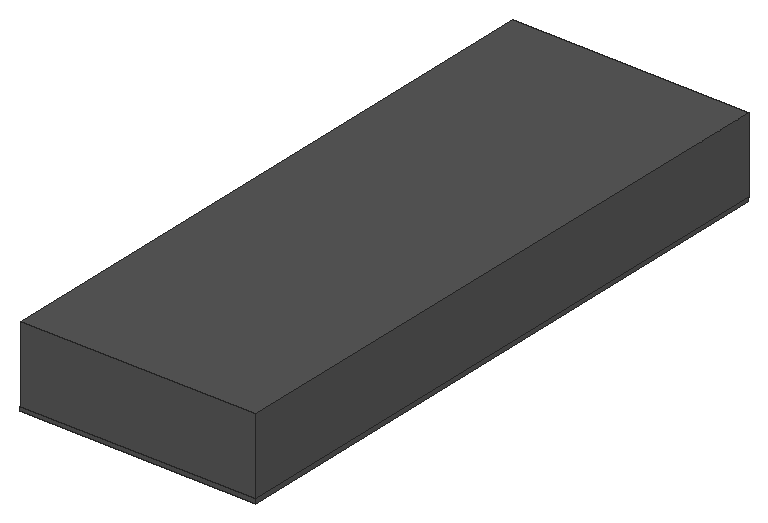
Revit family "ERA_LF_PR_SPP-503", category Осветительные приборы, Revit 2019
Family settings
  Размер круглого соединителя = Использовать диаметр
  Тип детали = Нормальный
  Номер OmniClass = 23.80.70.00
  Заголовок OmniClass = Lighting
  На основе рабочей плоскости = Нет
  Всегда вертикально = Да
  При загрузке вырезать с полостями = Нет
  Источник света = Нет
  Общий = Нет
  Точка расчета площади = Да
Parameters (values of type "SPP-503-0-50K-030, LED, IP65, 340х130х42 мм (ДхШхВ), 30 Вт, 5000 К, 3000 лм, класс защиты I, в комплекте (линейный стабилизатор)")
  _Корпус_Центр = if(ADSK_Размер_Длина < 1.00 mm, 1.00 mm, ADSK_Размер_Длина / 2)  # 170.00 mm
  ИС = LF_ИС_Пр_SPP-503 : SPP-503-0-50K-030
  _Корпус_Угол [instance] = if(Угол > 90.00°, 0.00°, Угол)  # 0.00°
  Угол [instance] = 0.00°
  _Корпус_Поворот [instance] = 0.00°  # constant formula
  Вспомогательные элементы = 1 = 0  # no
  _УГО_Ширина = if(_Корпус_Ширина / УГО_Масштаб < 1.00 mm, 1.00 mm, _Корпус_Ширина / УГО_Масштаб)  # 1.30 mm
  УГО_Масштаб = 100
  _УГО_Длина = if(_Корпус_Длина / УГО_Масштаб < 1.00 mm, 1.00 mm, _Корпус_Длина / УГО_Масштаб)  # 3.40 mm
  _УГО_Диаметр = if(_Корпус_Длина / УГО_Масштаб < 1.00 mm, 1.00 mm, _Корпус_Длина / УГО_Масштаб)  # 3.40 mm
  УГО_Видимость [instance] = not(УГО_Реальный размер)  # yes
  Тип установки = "Уличный"
  Степень защиты IP = "IP65"
  Разработчик модели = "https://www.teslabim.ru"
  _Корпус_Ширина = if(ADSK_Размер_Ширина < 1.00 mm, 1.00 mm, ADSK_Размер_Ширина)  # 130.00 mm
  _Корпус_Длина = if(ADSK_Размер_Длина < 1.00 mm, 1.00 mm, ADSK_Размер_Длина)  # 340.00 mm
  built-in parameter 1114216 [instance] = 1 (stored number, unit not read)
  Цвет = Чёрный
  УГО_Реальный размер [instance] = no
  Description = ""
  Lamp = ""
  Комплект = "Линейный стабилизатор"
  Класс пожароопасности = "Нет"
  Класс защиты = "I"
  Источник света = "LED"
  Manufacturer = ""
  Геометрия изделия = "Прямоугольный"
  _Корпус_Диаметр = if(ADSK_Размер_Диаметр < 1.00 mm, 1.00 mm, ADSK_Размер_Диаметр)  # 1.00 mm
  _Корпус_Высота = if(ADSK_Размер_Высота < 1.00 mm, 1.00 mm, ADSK_Размер_Высота)  # 42.00 mm
  URL = "https://www.eraworld.ru/catalog/2649069"
  ADSK_Размер_Ширина = 130.00 mm
  ADSK_Размер_Длина = 340.00 mm
  ADSK_Размер_Диаметр = 0.00 mm
  ADSK_Примечание = "Линейный стабилизатор, рассиватель поликарбонат"
  ADSK_Полная мощность = ADSK_Номинальная мощность / ADSK_Коэффициент мощности  # 33.3333 VA
  ADSK_Позиция = ""
  ADSK_Номинальная мощность = 30 W
  ADSK_Напряжение = 230 V
  ADSK_Наименование краткое = "Светильник"
  ADSK_Масса = 0.64
  ADSK_Марка = "SPP-503-0-50K-030"
  ADSK_Коэффициент мощности = 0.9
  ADSK_Количество фаз = 1
  ADSK_Код изделия = ""
  ADSK_Классификация нагрузок = Освещение
  ADSK_Размер_Высота = 42.00 mm
  ADSK_Обозначение = ADSK_Марка  # "SPP-503-0-50K-030"
  ADSK_Наименование = "Светильник, LED, прямоугольный, уличный, IP65, 340х130х42 мм (ДхШхВ), 30 Вт, 5000 К, 3000 лм, класс защиты I, в комплекте (линейный стабилизатор)"
  ADSK_Завод-изготовитель = "ЭРА"
  ADSK_Единица измерения = "шт."
Reference planes
  plane 1 "По центру (Вперед/Назад)": y = 0
  plane 2: z = 0
  plane 3 "По центру (Влево/Вправо)": x = 0
  plane 4 "H": z = 0
Dimensions and locks
  aligned and locked: level to plane 2
  aligned and locked: plane 2 to plane 4 "H"
  aligned and locked: plane 3 "По центру (Влево/Вправо)" to nested 1
  aligned and locked: plane 1 "По центру (Вперед/Назад)" to nested 1
  aligned and locked: nested 5 to plane 3 "По центру (Влево/Вправо)"
Nested families
  nested 1: "GA_УГО" at (0, 0, 0), visible <- "УГО_Видимость", type "Прямоугольник", detail levels coarse+medium
    with Аварийный no, Ширина 1.30 mm, Длина 3.40 mm
  nested 2: "GM_ОП_Пр_Корпус" at (0.001, 0, 0) x (1, 0, 0) z (0, 1, 0), type "GM_ОП_Пр_Корпус"
    with Рассеиватель_Высота 2.10 mm, Корпус_Ширина 130.00 mm, Корпус_Длина 340.00 mm, Корпус_Высота 42.00 mm, Кант_Ширина 6.50 mm
  nested 3: "Поворот" at (0, 0, 0) x (0, 1, 0) z (0, 0, -1), Поворот <- "_Корпус_Поворот", visible <- "Вспомогательные элементы", type "Поворот"
    with Поворот 0.00°, Низ 0.00 mm, Верх 2.00 mm
  nested 4: "Угол" at (0, 0, 0) x (0, 0, 1) z (1, 0, 0), Угол <- "_Корпус_Угол", visible <- "Вспомогательные элементы", type "Угол"
    with Угол 0.00°
  nested 5: "LF_ИС_Пр_SPP-503" at (0, 0, -44.1) x (-1, 0, 0) z (0, 0, -1), type <- "ИС", type "SPP-503-0-50K-030"
    with Корпус_Центр 170.00 mm, Корпус_Ширина 130.00 mm, Корпус_Длина 340.00 mm
Connectors
  electrical at (0, 0, 0), driven by "ADSK_Коэффициент мощности", driven by "ADSK_Количество фаз", driven by "ADSK_Классификация нагрузок", driven by "ADSK_Напряжение", driven by "ADSK_Полная мощность"
    settings: index 1, voltage 230 V, apparent load 33.3333 VA, apparent load phase1 0 VA, apparent load phase2 0 VA, apparent load phase3 0 VA, power factor 0.9, load classification "Освещение", number of poles 1, system type 30, power factor state 1, is connector primary yes, connector utility no, sub classification motor no, connector description ""
Definition of nested family "GM_ОП_Пр_Корпус"
  Parameters (values of type "GM_ОП_Пр_Корпус")
    Рассеиватель_Высота = Корпус_Высота * 0.05  # 2.25 mm
    Корпус_Ширина = 155.00 mm
    Цвет = none
    Реальный размер = no
    Default Elevation = 1000.00 mm
    Корпус_Длина = 390.00 mm
    Корпус_Высота = 45.00 mm
    Кант_Ширина = Корпус_Ширина * 0.05  # 7.75 mm
  Reference planes
    plane 1 "По центру (Вперед/Назад)": y = 0
    plane 2: z = 0
    plane 3 "По центру (Влево/Вправо)": x = 0
    plane 4 "Ш1": x = 77.5
    plane 5 "Ш2": x = -77.5
    plane 6 "Р": y = 45
    plane 7 "В": y = 47.25
    plane 8 "Д": z = 390
  Forms (mm)
    Extrusion 1, solid, material <- "Цвет", detail levels fine
      sketch origin (0, 211.198, -8.025) x (1, 0, 0) y (0, 0, -1)
        loop
          line (77.5, -398.025) -> (77.5, -8.025) -> (-77.5, -8.025) -> (-77.5, -398.025) -> (77.5, -398.025)
      from -211.198 to -166.198
    Extrusion 2, solid, visible <- "Реальный размер"
      sketch origin (0, 0, 0) x (1, 0, 0) y (0, 0, 1)
        loop
          line (77.5, 390) -> (-77.5, 390) -> (-77.5, 0) -> (77.5, 0) -> (77.5, 390)
      from 0 to -47.25
  Dimensions and locks
    equal spacing: plane 5 "Ш2", plane 3 "По центру (Влево/Вправо)", plane 4 "Ш1"
    "Корпус_Ширина": plane 5 "Ш2" to plane 4 "Ш1"
    "Корпус_Высота": plane 6 "Р" to plane 1 "По центру (Вперед/Назад)"
    "Рассеиватель_Высота": plane 7 "В" to plane 6 "Р"
    "Корпус_Длина": plane 8 "Д" to plane 2
    aligned and locked: level to plane 2
    aligned and locked: plane 5 "Ш2" to Extrusion 1
    aligned and locked: Extrusion 1 to plane 4 "Ш1"
    aligned and locked: plane 1 "По центру (Вперед/Назад)" to Extrusion 1
    aligned and locked: Extrusion 1 to plane 6 "Р"
    aligned and locked: Extrusion 2 to plane 7 "В"
    aligned and locked: Extrusion 2 to plane 2
    aligned and locked: Extrusion 1 to plane 2
    aligned and locked: plane 8 "Д" to Extrusion 2
    aligned and locked: plane 8 "Д" to Extrusion 1
    aligned and locked: Extrusion 2 to plane 5 "Ш2"
    aligned and locked: Extrusion 2 to plane 4 "Ш1"
    aligned and locked: nested 1 to plane 3 "По центру (Влево/Вправо)"
    aligned and locked: nested 1 to plane 2
  Automatic sketch dimensions
    Extrusion 1 sketch curve to plane 5 "Ш2" = 0.00 mm
    Extrusion 1 sketch curve to plane 4 "Ш1" = 0.00 mm
    Extrusion 1 sketch curve to level = 0.00 mm
    level to Extrusion 1 sketch curve = 390.00 mm
    plane 4 "Ш1" to Extrusion 2 sketch curve = 155.00 mm
    Extrusion 2 sketch curve to Extrusion 2 sketch curve = 155.00 mm
    Extrusion 2 sketch curve to level = 0.00 mm
    level to Extrusion 2 sketch curve = 390.00 mm
  Nested families
    nested 1: "GM_ОП_Пр_Рассеиватель" at (0, 45, 195) x (-1, 0, 0) z (0, 1, 0), type "GM_ОП_Пр_Рассеиватель"
      with Корпус_Ширина 155.00 mm, Корпус_Длина 390.00 mm, Корпус_Высота 2.25 mm
  Definition of nested family "GM_ОП_Пр_Рассеиватель"
    Parameters (values of type "GM_ОП_Пр_Рассеиватель")
      Корпус_Ширина = 80.00 mm
      Цвет = none
      Default Elevation = 1000.00 mm
      Корпус_Длина = 100.00 mm
      Корпус_Высота = 1.30 mm
      Кант_Ширина = 5.00 mm
    Reference planes
      plane 1 "По центру (Вперед/Назад)": y = 0
      plane 2: z = 0
      plane 3 "По центру (Влево/Вправо)": x = 0
      plane 4 "Ш1": x = 40
      plane 5 "Ш2": x = -40
      plane 6 "Д1": y = 50
      plane 7 "Д2": y = -50
    Forms (mm)
      Extrusion 1, solid, material <- "Цвет", detail levels fine
        sketch origin (0, 0, 0) x (1, 0, 0) y (0, 1, 0)
          loop
            line (40, -50) -> (40, 50) -> (-40, 50) -> (-40, -50) -> (40, -50)
          loop
            line (-35, 45) -> (-35, -45) -> (35, -45) -> (35, 45) -> (-35, 45)
        from 0 to 1.3 <- "Корпус_Высота"
      Extrusion 2, solid, detail levels fine
        sketch origin (20, -32.684, 0) x (1, 0, 0) y (0, 1, 0)
          loop
            line (-55, 77.684) -> (-55, -12.316) -> (15, -12.316) -> (15, 77.684) -> (-55, 77.684)
        from 0 to 1.3 <- "Корпус_Высота"
    Dimensions and locks
      equal spacing: plane 5 "Ш2", plane 3 "По центру (Влево/Вправо)", plane 4 "Ш1"
      "Корпус_Ширина": plane 5 "Ш2" to plane 4 "Ш1"
      equal spacing: plane 6 "Д1", plane 1 "По центру (Вперед/Назад)", plane 7 "Д2"
      "Корпус_Длина": plane 6 "Д1" to plane 7 "Д2"
      "Кант_Ширина": plane 5 "Ш2" to Extrusion 2 sketch curve
      "Кант_Ширина": Extrusion 2 sketch curve to plane 4 "Ш1"
      "Кант_Ширина": plane 6 "Д1" to Extrusion 2 sketch curve
      "Кант_Ширина": plane 7 "Д2" to Extrusion 2 sketch curve
      aligned and locked: level to plane 2
      aligned and locked: plane 5 "Ш2" to Extrusion 1
      aligned and locked: Extrusion 1 to plane 4 "Ш1"
      aligned and locked: Extrusion 1 to plane 6 "Д1"
      aligned and locked: plane 7 "Д2" to Extrusion 1
      aligned and locked: Extrusion 1 to plane 2
      aligned and locked: Extrusion 1 sketch curve to Extrusion 2  (x4)
    Automatic sketch dimensions
      Extrusion 1 sketch curve to plane 5 "Ш2" = 0.00 mm
      Extrusion 1 sketch curve to plane 4 "Ш1" = 0.00 mm
      plane 7 "Д2" to Extrusion 1 sketch curve = 0.00 mm
      plane 6 "Д1" to Extrusion 1 sketch curve = 0.00 mm
Definition of nested family "Поворот"
  Parameters (values of type "Поворот")
    Цвет = none
    Поворот [instance] = 90.00°
    Default Elevation = 0.00 mm
    Description = ""
    Низ [instance] = 0.00 mm
    Type Image = (empty or 0)
    Верх [instance] = 5.00 mm
  Reference planes
    plane 1 "По центру (Вперед/Назад)": y = 0
    plane 2: z = 0
    plane 3 "По центру (Влево/Вправо)": x = 0
  Forms (mm)
    Extrusion 1, solid, material <- "Цвет"
      sketch origin (0, 150, 0) x (0, -1, 0) y (1, 0, 0)
        loop
          line (50, 0) -> (150, 0) -> (150, 100)
          arc (150, 100) -> (79.289, 70.711) -> (50, 0) r 100
      from 0 <- "Низ" to 5 <- "Верх"
  Lines and regions (mm)
    reference lines
      curve 1: line (0, 150, 0) -> (0, 0, 0)
  Dimensions and locks
    "Поворот": angle plane 1 "По центру (Вперед/Назад)" to curve 1
    aligned and locked: level to plane 2
  Automatic sketch dimensions
    plane 1 "По центру (Вперед/Назад)" to curve 1 = 0.00 mm
    curve 1 to plane 3 "По центру (Влево/Вправо)" = 0.00 mm
    Extrusion 1 sketch curve to curve 1 = 0.00 mm
    curve 1 to Extrusion 1 sketch curve = 0.00 mm
    curve 1 to Extrusion 1 sketch curve = 100.00 mm
Definition of nested family "Угол"
  Parameters (values of type "Угол")
    Цвет = none
    Угол [instance] = 90.00°
    Default Elevation = 0.00 mm
    Description = ""
    Type Image = (empty or 0)
    Видимость = yes
  Reference planes
    plane 1 "По центру (Вперед/Назад)": y = 0
    plane 2: z = 0
    plane 3 "По центру (Влево/Вправо)": x = 0
  Forms (mm)
    Revolve 1, solid, material <- "Цвет", visible <- "Видимость"
      sketch origin (0, 150, 0) x (0, -1, 0) y (0, 0, 1)
        loop
          arc (150, 100) -> (79.289, 70.711) -> (50, 0) r 100
          line (50, 0) -> (150, 0) -> (150, 100)
        axis (150, 0) -> (150, 100)
      angle from 90 to 180
  Lines and regions (mm)
    reference lines
      curve 1: line (0, 150, 0) -> (0, 0, 0)
  Dimensions and locks
    "Угол": angle plane 1 "По центру (Вперед/Назад)" to curve 1
    aligned and locked: level to plane 2
  Automatic sketch dimensions
    plane 1 "По центру (Вперед/Назад)" to curve 1 = 0.00 mm
    curve 1 to plane 3 "По центру (Влево/Вправо)" = 0.00 mm
    curve 1 to Revolve 1 sketch curve = 0.00 mm
    Revolve 1 sketch curve to curve 1 = 0.00 mm  (x2)
    Revolve 1 sketch curve to curve 1 = 115.333 mm
    curve 1 to Revolve 1 sketch curve = 100.00 mm
    curve 1 to Revolve 1 sketch curve = 1261.835 mm
Definition of nested family "GA_УГО"
  Parameters (values of type "Прямоугольник")
    Ширина = 1.70 mm
    Прямоугольник = yes
    Круг = no
    Длина = 5.70 mm
    Диаметр = 10.00 mm
    Аварийный [instance] = yes
  Reference planes
    plane 1: y = 0
    plane 2: x = 0
  Lines and regions (mm)
    detail lines, visible <- "Прямоугольник"
      curve 1: line (-0.85, 0, 0) -> (0.85, 0, 0)
      curve 2: line (-0.85, 5.7, 0) -> (-0.85, 0, 0)
      curve 3: line (0.85, 5.7, 0) -> (-0.85, 5.7, 0)
      curve 4: line (0.85, 0, 0) -> (0.85, 5.7, 0)
  Dimensions and locks
    equal spacing: curve 2, plane 2, curve 4
    "Ширина": curve 2 to curve 4
    "Длина": plane 1 to curve 3
    aligned and locked: plane 1 to curve 1
Definition of nested family "LF_ИС_Пр_SPP-503"
  Parameters (values of type "SPP-503-0-50K-030")
    built-in parameter 1150104 = 13.8 (stored number, unit not read)
    Корпус_Центр = 0.00 mm
    built-in parameter 1150134 = 2
    Photometric Web File = "SPP-503-0-50K-030.ies"
    Tilt Angle = -90.00°
    built-in parameter 1150137 = (empty or 0)
    built-in parameter 1150132 = 2
    built-in parameter 1150114 = 1 (stored number, unit not read)
    Dimming Lamp Color Temperature Shift = (empty or 0)
    built-in parameter 1150105 = 543.85 (stored number, unit not read)
    Color Filter = 16777215
    Lumens = 3000 lm
    built-in parameter 1150109 = 1 (stored number, unit not read)
    built-in parameter 1150112 = 1 (stored number, unit not read)
    built-in parameter 1150110 = 1 (stored number, unit not read)
    built-in parameter 1150113 = 1 (stored number, unit not read)
    built-in parameter 1150115 = 1 (stored number, unit not read)
    built-in parameter 1114218 = 1 (stored number, unit not read)
    built-in parameter 1114217 = 1 (stored number, unit not read)
    built-in parameter 1150106 = 5.4385 (stored number, unit not read)
    built-in parameter 1150142 = "IESNA:LM-63-1995\r\n[DATA] 28.01.2020\r\n[MANUFAC]??РА\r\n[LUMCAT]\r\n[LUMINAIRE]  SPP-503-0-50K-030\r\n[LAMP] Светодиодный модуль\r\nTILT=NONE\r\n1 3307 3.305 91 37 1 2 0.34 0.129 0.05\r\n1 1 31.02\r\n0 1 2 3 4 5 6 7 8 9 10 11 12 13 14 15 16 17 18 19 20 21 22 23 24 25 26 27 28 29 30 31 32 33 34 35 36 37 38 39 40 41 42 43 44 45 46 47 48 49 50 51 52 53 54 55 56 57 58 59 60 61 62 63 64 65 66 67 68 69 70 71 72 73 74 75 76 77 78 79 80 81 82 83 84 85 86 87 88 89 90 \r\n0 10 20 30 40 50 60 70 80 90 100 110 120 130 140 150 160 170 180 190 200 210 220 230 240 250 260 270 280 290 300 310 320 330 340 350 360 \r\n321.5 321.8 322.5 323.4 324.6 326.2 328 330.2 332.6 335.4 338.5 341.9 345.5 349.5 353.7 358.1 362.9 367.9 373.2 378.7 384.6 390.8 397.3 404.1 411 418.1 425.4 432.8 440.3 448 455.8 463.7 471.8 480.1 488.6 497.3 506 514.7 523.3 531.7 540 548 555.7 563 569.9 576.2 581.9 586.9 591.3 595 597.7 599.2 599.5 598.4 595.5 590.5 582.6 571.3 555.9 535.6 509.2 475.9 435.1 386.6 331.3 271.7 211 155.2 110.6 79.3 58.9 46.8 39.6 34.2 28.9 23.9 19.3 15.3 12 9.3 7.5 6.4 5.8 5 4.1 3.1 2.4 1.9 1.5 1.2 1\r\n321.5 321.8 322.4 323.2 324.4 325.8 327.5 329.5 331.9 334.5 337.6 341.1 344.9 349 353.2 357.6 362.4 367.5 372.9 378.5 384.5 390.8 397.5 404.4 411.4 418.7 426.3 433.9 441.7 449.4 457.1 464.8 472.6 480.4 488.2 496.1 504 511.7 519.1 526.1 532.6 538.5 543.7 548 551.3 553.6 554.8 554.7 553.2 550.2 545.3 538.4 529.3 518 504.4 488.5 470.1 449.3 425.9 399.7 370.3 337.5 301.6 263.2 223.1 182.4 142.6 106.3 76.3 53.7 38.3 29.1 24.1 20.6 17.6 14.9 12.8 11 9.6 8.4 7.4 6.6 5.9 5.2 4.4 3.6 2.8 2.1 1.5 1 0.6\r\n321.5 321.4 321.6 322 322.9 324.3 326.3 329 332.1 335.5 339 342.5 346.1 350.1 354.5 359.2 364 369.1 374.4 380 385.8 391.7 397.8 403.9 410.2 416.7 423.1 429.6 436 442.2 448.1 453.6 458.7 463.6 468.1 472.1 475.3 477.6 479.3 480.1 480.1 478.8 476.3 472.7 467.7 461.1 452.9 443.1 431.9 419.2 404.6 387.9 369.4 349.1 327.6 304.9 281.6 257.8 233.9 210 186.5 163.6 141.6 120.8 101.6 84.2 68.9 55.6 43.9 34 26.2 20.7 17 14.5 12.8 11.5 10.4 9.4 8.7 8.1 7.6 7.2 6.7 6.2 5.6 4.8 3.8 2.8 1.9 1.2 0.6\r\n321.5 321.5 322 322.9 324.2 325.8 327.7 330 332.7 335.6 338.6 341.4 345.2 351 358.4 365.5 371.1 375.5 380.1 385.2 390.4 395.4 400.3 405 409.7 414.1 418.2 422 425.3 428.3 430.6 432.1 432.8 432.8 431.8 429.8 426.8 422.7 417.5 411.2 403.6 394.8 384.6 373.1 360.3 346.1 330.5 313.7 295.8 277 257.2 236.8 216.1 195.5 175.6 156.5 138.4 121.5 105.8 91.6 78.9 67.8 58.4 50.4 43.7 38.1 33.3 29.3 25.8 22.7 19.9 17.4 15.2 13.6 12.4 11.6 10.9 10.3 9.7 9 8.2 7.2 6.2 5.3 4.4 3.5 2.6 1.8 1.2 0.7 0.6\r\n321.5 321.8 323.4 326.2 329.9 333.7 337 340.2 343.5 347.2 351 355 359.1 363.5 368.1 372.7 377.2 381.6 385.7 389.6 393.1 396.2 398.9 401 402.6 403.6 403.9 403.4 402.1 400 397 393.1 388.3 382.5 375.7 368.1 359.5 350 339.5 328.1 316 303.1 289.5 275.3 260.4 244.9 228.9 212.6 195.9 178.9 161.9 145.1 129 114 100.3 88.1 77.4 68 60 53.1 47.3 42.5 38.4 34.8 31.6 28.8 26.3 24.1 22.2 20.5 18.9 17.4 16 14.8 13.6 12.5 11.6 10.8 10.1 9.4 8.6 7.8 6.9 5.8 4.6 3.4 2.3 1.3 0.6 0.3 0.3\r\n321.5 323 324.9 327.1 330 334.3 340.3 346.8 352 355.8 359.1 362.9 367 370.9 374.6 378 381.2 383.9 386.1 387.7 388.7 389.4 389.5 388.9 387.7 385.9 383.6 380.5 376.5 371.4 365.2 358 349.9 341 331.4 321.2 310.4 299 286.9 274.4 261.3 247.7 233.6 218.9 203.8 188.4 172.8 157.2 141.8 127 112.8 99.6 87.7 77.3 68.4 60.8 54.3 48.8 44 39.9 36.3 33.1 30.4 28 26.1 24.4 23 21.8 20.7 19.7 18.8 18 17.3 16.6 15.8 15 14 12.8 11.6 10.4 9.1 7.8 6.6 5.2 3.9 2.6 1.7 1 0.6 0.3 0.2\r\n321.5 322.3 324.7 328.4 333.1 337.8 341.7 345.5 350.1 355.5 360.7 364.8 368.3 371.6 374.9 377.6 379.7 381 381.8 382.1 382 381.3 379.8 377.2 373.5 368.9 363.5 357.4 350.6 343.1 335 326.2 316.8 306.8 296.2 285.1 273.7 261.9 249.5 236.7 223.5 209.8 195.8 181.5 167 152.6 138.4 124.7 111.6 99.4 88.2 78 69 61.3 54.7 49.2 44.4 40.3 36.6 33.3 30.3 27.6 25.3 23.5 22.2 21 19.9 18.9 18.1 17.5 17 16.4 15.9 15.3 14.7 13.9 13.1 12.2 11.1 9.9 8.6 7.4 6.1 4.8 3.5 2.4 1.5 0.8 0.3 0 0\r\n321.5 323.6 326.6 330.7 335.4 340.2 344.4 348.2 352.1 356.1 360.2 364.3 368.3 371.7 374.4 376.3 377.3 377.4 377 375.9 374.2 371.6 368.1 363.8 358.6 352.6 345.9 338.5 330.6 322.1 313 303.5 293.5 283.2 272.6 261.6 250.2 238.4 226.2 213.5 200.5 187.1 173.4 159.4 145.4 131.7 118.3 105.7 94 83.4 74 65.8 58.5 52.1 46.5 41.6 37.4 33.8 30.5 27.5 24.9 22.7 20.9 19.4 18.1 17 16.1 15.3 14.6 14 13.7 13.8 14 14 13.7 12.8 11.3 9.4 7.7 6.4 5.3 4.4 3.5 2.8 2.2 1.7 1.1 0.5 0.2 0 0\r\n321.5 324.8 328.3 332.2 336.4 340.5 344.7 348.8 353 357.2 361.4 365.3 368.8 371.5 373.2 374.1 374.2 373.5 372 369.7 366.7 362.9 358.4 352.9 346.7 339.7 332.1 324 315.4 306.3 296.8 287 276.9 266.6 256 245 233.4 221.3 208.8 195.9 182.6 168.9 155.1 141.4 128 115.1 102.9 91.5 81.2 72 63.8 56.8 50.6 45.2 40.5 36.3 32.5 29.2 26.4 23.9 21.9 20.3 19.1 18.1 17.3 16.6 16 15.5 14.9 14.3 13.5 12.7 11.7 10.6 9.4 8.4 7.7 7.1 6.6 5.9 5.3 4.7 4.1 3.5 2.8 2 1.3 0.6 0.2 0 0\r\n321.5 324.2 327.2 330.5 334.5 339.8 346.7 354 360.1 364.5 368.2 371.7 374.9 377.2 378.3 378.6 378.2 377 375.1 372.2 368.5 363.9 358.5 352.3 345.4 338 330.1 321.7 312.7 303.3 293.6 283.7 273.7 263.2 252.4 241.1 229.4 217.2 204.5 191.3 177.7 164 150.1 136.5 123.2 110.4 98.2 87 76.9 68 60.3 53.5 47.7 42.5 38 33.9 30.3 27.2 24.7 22.7 21.1 19.8 18.7 17.8 17.1 16.5 15.8 15.1 14.4 13.6 12.7 11.6 10.4 9.5 8.9 8.5 8 7.7 7.3 6.9 6.4 5.7 4.8 3.9 2.9 1.9 1 0.4 0 0 0\r\n321.5 318.7 317.2 317 318 319.6 321.7 324.2 327.1 330.2 333.5 336.8 340 343.1 346.2 349 351.4 353.1 353.9 353.7 352.6 350.7 348 344.3 339.6 334.1 327.8 320.9 313.2 304.8 295.8 286.1 276.1 265.6 254.8 243.6 231.9 219.9 207.4 194.5 181.2 167.7 154.1 140.5 127 114.2 102.3 91.5 81.9 73.5 66.2 59.8 54.3 49.2 44.5 40.2 36.1 32.3 28.9 26 23.3 21.1 19.2 18 17.2 16.7 16.2 15.7 15.1 14.3 13.3 12.1 10.8 9.6 8.5 7.7 6.8 6.1 5.3 4.5 3.8 3 2.4 1.8 1.3 0.9 0.6 0.4 0.3 0.2 0.3\r\n321.5 320.2 319.7 320.1 321.2 322.9 325 327.7 330.6 333.8 337.2 340.7 344.2 347.7 351.1 354.3 357.2 359.5 361.1 361.9 361.9 361.1 359.5 357 353.4 348.9 343.5 337.2 330 322 313.2 303.9 294 283.6 272.7 261.4 249.6 237.4 224.8 211.8 198.3 184.5 170.6 156.5 142.6 129.2 116.5 104.8 94 84.4 76 68.7 62.4 56.7 51.6 46.7 42.2 38.1 34.4 31.1 28.2 25.6 23.3 21.5 20.2 19.3 18.7 18.1 17.5 16.8 16.1 15.4 14.8 14.1 13.3 12.3 11.2 10.1 9 7.9 6.9 5.8 4.7 3.6 2.7 1.9 1.2 0.7 0.4 0.2 0.3\r\n321.5 320.6 320.4 320.9 322.1 323.9 326.2 329 332.1 335.4 339 342.6 346.3 350.2 354.1 357.8 361.4 364.5 367.2 369.2 370.7 371.5 371.5 370.6 368.8 365.9 362.2 357.4 351.7 345 337.4 329 319.9 310 299.4 288.2 276.4 264 251.2 238.1 224.4 210.3 195.9 181.1 166.3 151.7 137.4 123.8 111 99.3 88.8 79.7 71.9 65.2 59.5 54.5 50.1 46 42.2 38.6 35.4 32.5 30 27.9 26.1 24.6 23.7 23 22.5 22 21.6 21.1 20.6 19.9 19.2 18.2 17.1 15.7 14.1 12.3 10.4 8.6 6.8 5.1 3.6 2.2 1.3 0.6 0.3 0.1 0.3\r\n321.5 320.9 320.8 321.3 322.3 323.8 325.9 328.5 331.5 334.8 338.4 342.2 346.2 350.4 354.8 359.2 363.5 367.8 372 375.8 379.4 382.4 384.8 386.5 387.3 387.4 386.7 385.1 382.3 378.4 373.3 367.3 360.1 351.8 342.3 331.9 320.6 308.5 295.6 281.9 267.6 252.8 237.5 221.8 205.8 189.5 173.1 156.8 141 126 112 99.4 88.1 78.3 69.9 62.6 56.2 50.6 45.6 41.2 37.2 33.6 30.3 27.5 25.1 23.1 21.4 19.9 18.7 17.7 16.8 16 15.2 14.4 13.6 12.7 11.7 10.7 9.7 8.6 7.4 6 4.7 3.6 2.6 1.9 1.2 0.7 0.4 0.2 0.3\r\n321.5 321.1 321.2 321.9 323.1 324.7 326.6 329 331.8 335 338.7 342.7 347 351.6 356.4 361.2 366.2 371.4 376.6 381.9 387.2 392.1 396.8 401 404.8 408 410.4 412.1 412.9 412.8 411.7 409.6 406.4 402 396.4 389.5 381.4 372.1 361.8 350.4 337.7 323.8 308.7 292.7 275.8 258.3 240.1 221.6 202.8 184.1 165.6 147.6 130.5 114.5 100.1 87.2 75.9 66.3 58.2 51.5 45.9 40.9 36.6 32.9 29.6 26.7 24.3 22.1 20.1 18.4 16.8 15.3 14.1 13 12.2 11.6 11 10.3 9.5 8.6 7.4 6.1 4.7 3.3 2.1 1.3 0.8 0.6 0.5 0.4 0.3\r\n321.5 321.8 322.5 323.7 325.2 327 329.1 331.6 334.4 337.7 341.3 345.3 349.6 354.2 359 364.1 369.4 374.9 380.6 386.5 392.5 398.6 404.7 410.9 416.9 422.8 428.4 433.6 438.4 442.6 446.1 449 451 452.2 452.3 451.4 449.3 446 441.5 435.7 428.5 419.8 409.7 398.1 385.1 370.7 354.6 337.1 318.2 298.1 276.8 254.5 231.7 208.7 186 163.9 142.7 122.9 104.8 88.6 74.6 62.6 52.5 44.1 37.2 31.4 26.6 22.6 19.2 16.5 14.5 13.1 12.2 11.5 10.8 10.2 9.6 9 8.3 7.3 6.2 5.2 4.2 3.1 2 1.2 0.7 0.6 0.5 0.5 0.3\r\n321.5 322.1 323.1 324.3 325.9 327.8 329.9 332.3 335.2 338.5 342.1 346 350.1 354.5 359.1 364 369.3 374.8 380.6 386.7 393.1 399.8 406.8 413.8 421 428.2 435.5 442.7 449.8 456.9 463.9 470.9 477.7 484.2 490.1 495.5 500.3 504.3 507.6 509.9 511.1 511 509.6 507.1 503.5 498.3 491.3 482.6 472.4 460.6 447.1 431.7 414.3 394.9 373.5 349.9 324.4 297 268 237.7 207 176.6 146.9 118.1 91.2 67.7 49.1 35.5 26.7 21.9 19 16.6 14.5 12.9 11.6 10.7 9.9 9.2 8.6 8 7.4 6.7 5.9 4.7 3.5 2.3 1.6 1.1 0.8 0.6 0.6\r\n321.5 322.1 323 324.2 325.7 327.4 329.3 331.6 334.1 336.9 340.1 343.6 347.4 351.5 355.8 360.3 364.9 369.8 375 380.5 386.4 392.4 398.6 405.2 412 419.1 426.4 433.7 441.2 448.8 456.5 464.4 472.4 480.6 488.9 497.2 505.3 513.3 521.1 528.7 536 543 549.5 555.4 560.6 565.2 569 571.9 573.9 574.7 574.1 571.9 568.1 562.5 554.8 544.5 531.1 514 492.7 466.5 435 397.7 354.4 304.7 250.4 195.2 143.2 99.2 68.2 50.1 39.9 33 27.9 23.8 20.4 17.6 15.5 13.9 12.6 11.4 10.3 9.2 8.1 6.9 5.7 4.5 3.4 2.4 1.7 1.3 1.1\r\n321.5 321.8 322.5 323.4 324.6 326.2 328 330.2 332.6 335.4 338.5 341.9 345.5 349.5 353.7 358.1 362.9 367.9 373.2 378.7 384.6 390.8 397.3 404.1 411 418.1 425.4 432.8 440.3 448 455.8 463.7 471.8 480.1 488.6 497.3 506 514.7 523.3 531.7 540 548 555.7 563 569.9 576.2 581.9 586.9 591.3 595 597.7 599.2 599.5 598.4 595.5 590.5 582.6 571.3 555.9 535.6 509.2 475.9 435.1 386.6 331.3 271.7 211 155.2 110.6 79.3 58.9 46.8 39.6 34.2 28.9 23.9 19.3 15.3 12 9.3 7.5 6.4 5.8 5 4.1 3.1 2.4 1.9 1.5 1.2 1\r\n321.5 322.1 323 324.2 325.7 327.4 329.3 331.6 334.1 336.9 340.1 343.6 347.4 351.5 355.8 360.3 364.9 369.8 375 380.5 386.4 392.4 398.6 405.2 412 419.1 426.4 433.7 441.2 448.8 456.5 464.4 472.4 480.6 488.9 497.2 505.3 513.3 521.1 528.7 536 543 549.5 555.4 560.6 565.2 569 571.9 573.9 574.7 574.1 571.9 568.1 562.5 554.8 544.5 531.1 514 492.7 466.5 435 397.7 354.4 304.7 250.4 195.2 143.2 99.2 68.2 50.1 39.9 33 27.9 23.8 20.4 17.6 15.5 13.9 12.6 11.4 10.3 9.2 8.1 6.9 5.7 4.5 3.4 2.4 1.7 1.3 1.1\r\n321.5 322.1 323.1 324.3 325.9 327.8 329.9 332.3 335.2 338.5 342.1 346 350.1 354.5 359.1 364 369.3 374.8 380.6 386.7 393.1 399.8 406.8 413.8 421 428.2 435.5 442.7 449.8 456.9 463.9 470.9 477.7 484.2 490.1 495.5 500.3 504.3 507.6 509.9 511.1 511 509.6 507.1 503.5 498.3 491.3 482.6 472.4 460.6 447.1 431.7 414.3 394.9 373.5 349.9 324.4 297 268 237.7 207 176.6 146.9 118.1 91.2 67.7 49.1 35.5 26.7 21.9 19 16.6 14.5 12.9 11.6 10.7 9.9 9.2 8.6 8 7.4 6.7 5.9 4.7 3.5 2.3 1.6 1.1 0.8 0.6 0.6\r\n321.5 321.8 322.5 323.7 325.2 327 329.1 331.6 334.4 337.7 341.3 345.3 349.6 354.2 359 364.1 369.4 374.9 380.6 386.5 392.5 398.6 404.7 410.9 416.9 422.8 428.4 433.6 438.4 442.6 446.1 449 451 452.2 452.3 451.4 449.3 446 441.5 435.7 428.5 419.8 409.7 398.1 385.1 370.7 354.6 337.1 318.2 298.1 276.8 254.5 231.7 208.7 186 163.9 142.7 122.9 104.8 88.6 74.6 62.6 52.5 44.1 37.2 31.4 26.6 22.6 19.2 16.5 14.5 13.1 12.2 11.5 10.8 10.2 9.6 9 8.3 7.3 6.2 5.2 4.2 3.1 2 1.2 0.7 0.6 0.5 0.5 0.3\r\n321.5 321.1 321.2 321.9 323.1 324.7 326.6 329 331.8 335 338.7 342.7 347 351.6 356.4 361.2 366.2 371.4 376.6 381.9 387.2 392.1 396.8 401 404.8 408 410.4 412.1 412.9 412.8 411.7 409.6 406.4 402 396.4 389.5 381.4 372.1 361.8 350.4 337.7 323.8 308.7 292.7 275.8 258.3 240.1 221.6 202.8 184.1 165.6 147.6 130.5 114.5 100.1 87.2 75.9 66.3 58.2 51.5 45.9 40.9 36.6 32.9 29.6 26.7 24.3 22.1 20.1 18.4 16.8 15.3 14.1 13 12.2 11.6 11 10.3 9.5 8.6 7.4 6.1 4.7 3.3 2.1 1.3 0.8 0.6 0.5 0.4 0.3\r\n321.5 320.9 320.8 321.3 322.3 323.8 325.9 328.5 331.5 334.8 338.4 342.2 346.2 350.4 354.8 359.2 363.5 367.8 372 375.8 379.4 382.4 384.8 386.5 387.3 387.4 386.7 385.1 382.3 378.4 373.3 367.3 360.1 351.8 342.3 331.9 320.6 308.5 295.6 281.9 267.6 252.8 237.5 221.8 205.8 189.5 173.1 156.8 141 126 112 99.4 88.1 78.3 69.9 62.6 56.2 50.6 45.6 41.2 37.2 33.6 30.3 27.5 25.1 23.1 21.4 19.9 18.7 17.7 16.8 16 15.2 14.4 13.6 12.7 11.7 10.7 9.7 8.6 7.4 6 4.7 3.6 2.6 1.9 1.2 0.7 0.4 0.2 0.3\r\n321.5 320.6 320.4 320.9 322.1 323.9 326.2 329 332.1 335.4 339 342.6 346.3 350.2 354.1 357.8 361.4 364.5 367.2 369.2 370.7 371.5 371.5 370.6 368.8 365.9 362.2 357.4 351.7 345 337.4 329 319.9 310 299.4 288.2 276.4 264 251.2 238.1 224.4 210.3 195.9 181.1 166.3 151.7 137.4 123.8 111 99.3 88.8 79.7 71.9 65.2 59.5 54.5 50.1 46 42.2 38.6 35.4 32.5 30 27.9 26.1 24.6 23.7 23 22.5 22 21.6 21.1 20.6 19.9 19.2 18.2 17.1 15.7 14.1 12.3 10.4 8.6 6.8 5.1 3.6 2.2 1.3 0.6 0.3 0.1 0.3\r\n321.5 320.2 319.7 320.1 321.2 322.9 325 327.7 330.6 333.8 337.2 340.7 344.2 347.7 351.1 354.3 357.2 359.5 361.1 361.9 361.9 361.1 359.5 357 353.4 348.9 343.5 337.2 330 322 313.2 303.9 294 283.6 272.7 261.4 249.6 237.4 224.8 211.8 198.3 184.5 170.6 156.5 142.6 129.2 116.5 104.8 94 84.4 76 68.7 62.4 56.7 51.6 46.7 42.2 38.1 34.4 31.1 28.2 25.6 23.3 21.5 20.2 19.3 18.7 18.1 17.5 16.8 16.1 15.4 14.8 14.1 13.3 12.3 11.2 10.1 9 7.9 6.9 5.8 4.7 3.6 2.7 1.9 1.2 0.7 0.4 0.2 0.3\r\n321.5 318.7 317.2 317 318 319.6 321.7 324.2 327.1 330.2 333.5 336.8 340 343.1 346.2 349 351.4 353.1 353.9 353.7 352.6 350.7 348 344.3 339.6 334.1 327.8 320.9 313.2 304.8 295.8 286.1 276.1 265.6 254.8 243.6 231.9 219.9 207.4 194.5 181.2 167.7 154.1 140.5 127 114.2 102.3 91.5 81.9 73.5 66.2 59.8 54.3 49.2 44.5 40.2 36.1 32.3 28.9 26 23.3 21.1 19.2 18 17.2 16.7 16.2 15.7 15.1 14.3 13.3 12.1 10.8 9.6 8.5 7.7 6.8 6.1 5.3 4.5 3.8 3 2.4 1.8 1.3 0.9 0.6 0.4 0.3 0.2 0.3\r\n321.5 320.2 319.8 320.1 321.2 323 325.3 327.9 330.8 333.9 337 340 342.9 346 349 351.5 353.2 354.1 354.2 353.4 351.7 349.1 345.6 341.3 336.1 330.1 323.5 316.2 308.1 299.5 290.3 280.6 270.6 260.3 249.5 238.3 226.7 214.6 202.2 189.4 176.2 162.7 149.1 135.5 122.3 109.7 98.1 87.5 78.2 70.1 63.1 56.9 51.4 46.4 41.8 37.5 33.7 30.2 27 24.2 21.9 20 18.6 17.6 16.9 16.4 15.9 15.1 14.1 12.7 11.3 10.2 9.3 8.6 8.2 7.7 7.2 6.6 5.8 4.9 4 3.2 2.4 1.8 1.3 0.9 0.6 0.4 0.2 0.2 0.3\r\n321.5 324.8 328.3 332.2 336.4 340.5 344.7 348.8 353 357.2 361.4 365.3 368.8 371.5 373.2 374.1 374.2 373.5 372 369.7 366.7 362.9 358.4 352.9 346.7 339.7 332.1 324 315.4 306.3 296.8 287 276.9 266.6 256 245 233.4 221.3 208.8 195.9 182.6 168.9 155.1 141.4 128 115.1 102.9 91.5 81.2 72 63.8 56.8 50.6 45.2 40.5 36.3 32.5 29.2 26.4 23.9 21.9 20.3 19.1 18.1 17.3 16.6 16 15.5 14.9 14.3 13.5 12.7 11.7 10.6 9.4 8.4 7.7 7.1 6.6 5.9 5.3 4.7 4.1 3.5 2.8 2 1.3 0.6 0.2 0 0\r\n321.5 323.6 326.6 330.7 335.4 340.2 344.4 348.2 352.1 356.1 360.2 364.3 368.3 371.7 374.4 376.3 377.3 377.4 377 375.9 374.2 371.6 368.1 363.8 358.6 352.6 345.9 338.5 330.6 322.1 313 303.5 293.5 283.2 272.6 261.6 250.2 238.4 226.2 213.5 200.5 187.1 173.4 159.4 145.4 131.7 118.3 105.7 94 83.4 74 65.8 58.5 52.1 46.5 41.6 37.4 33.8 30.5 27.5 24.9 22.7 20.9 19.4 18.1 17 16.1 15.3 14.6 14 13.7 13.8 14 14 13.7 12.8 11.3 9.4 7.7 6.4 5.3 4.4 3.5 2.8 2.2 1.7 1.1 0.5 0.2 0 0\r\n321.5 322.3 324.7 328.4 333.1 337.8 341.7 345.5 350.1 355.5 360.7 364.8 368.3 371.6 374.9 377.6 379.7 381 381.8 382.1 382 381.3 379.8 377.2 373.5 368.9 363.5 357.4 350.6 343.1 335 326.2 316.8 306.8 296.2 285.1 273.7 261.9 249.5 236.7 223.5 209.8 195.8 181.5 167 152.6 138.4 124.7 111.6 99.4 88.2 78 69 61.3 54.7 49.2 44.4 40.3 36.6 33.3 30.3 27.6 25.3 23.5 22.2 21 19.9 18.9 18.1 17.5 17 16.4 15.9 15.3 14.7 13.9 13.1 12.2 11.1 9.9 8.6 7.4 6.1 4.8 3.5 2.4 1.5 0.8 0.3 0 0\r\n321.5 323 324.9 327.1 330 334.3 340.3 346.8 352 355.8 359.1 362.9 367 370.9 374.6 378 381.2 383.9 386.1 387.7 388.7 389.4 389.5 388.9 387.7 385.9 383.6 380.5 376.5 371.4 365.2 358 349.9 341 331.4 321.2 310.4 299 286.9 274.4 261.3 247.7 233.6 218.9 203.8 188.4 172.8 157.2 141.8 127 112.8 99.6 87.7 77.3 68.4 60.8 54.3 48.8 44 39.9 36.3 33.1 30.4 28 26.1 24.4 23 21.8 20.7 19.7 18.8 18 17.3 16.6 15.8 15 14 12.8 11.6 10.4 9.1 7.8 6.6 5.2 3.9 2.6 1.7 1 0.6 0.3 0.2\r\n321.5 321.8 323.4 326.2 329.9 333.7 337 340.2 343.5 347.2 351 
